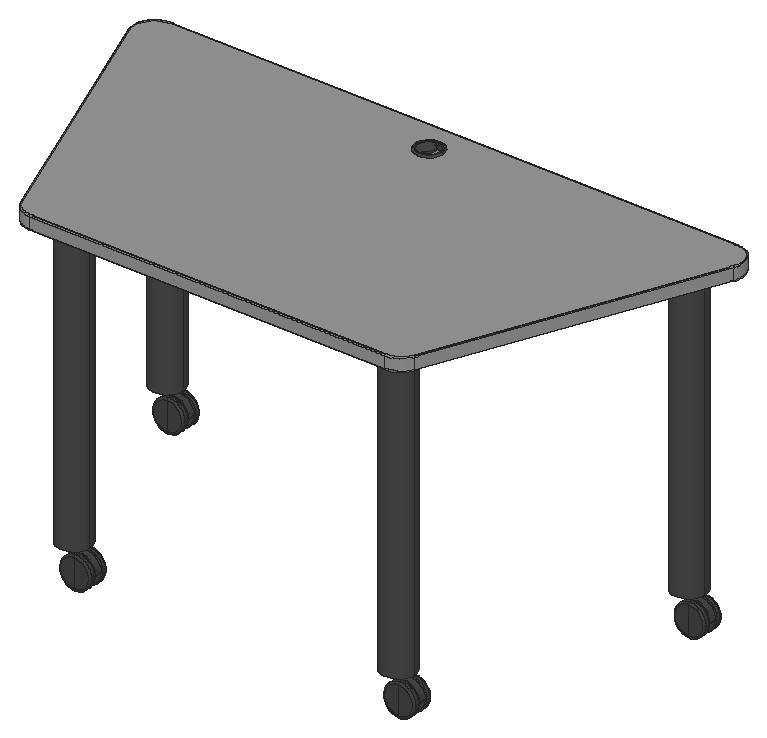
Revit family "Modular Conference Table Trapezoid", category Generic Models, Revit 2018
Family settings
  Can host rebar = No
  Round Connector Dimension = Use Diameter
  Part Type = Normal
  Work Plane-Based = No
  Always vertical = Yes
  Cut with Voids When Loaded = No
  Shared = No
  Room Calculation Point = No
Parameters
  Surface = Modular Trapezoid Surface
  Edgeband = Modular Trapezoid Edgeband
Reference planes (in)
  plane 1 "Center (Front/Back)": y = 0
  plane 2: z = 0
  plane 3 "Center (Left/Right)": x = 0
Forms (in)
  Extrusion 1, solid, material "Modular Trapezoid Surface" <- "Surface"
    sketch origin (0, 0, 0) x (1, 0, 0) y (0, 1, 0)
      loop
        circle (0, 11.5) r 1.21937
      loop
        line (26.55538, 14.42126) -> (-26.55538, 14.42126)
        arc (-26.55538, 14.42126) -> (-28.14471, 13.57948) -> (-28.34134, 11.79177) r 1.92126
        line (-28.34134, 11.79177) -> (-18.42755, -13.20822)
        arc (-18.42755, -13.20822) -> (-17.72107, -14.08933) -> (-16.64159, -14.42126) r 1.92126
        line (-16.64159, -14.42126) -> (16.64159, -14.42126)
        arc (16.64159, -14.42126) -> (17.72107, -14.08933) -> (18.42755, -13.20822) r 1.92126
        line (18.42755, -13.20822) -> (28.34134, 11.79177)
        arc (28.34134, 11.79177) -> (28.14471, 13.57948) -> (26.55538, 14.42126) r 1.92126
    from 30.55647 to 31.80647
  Sweep 2, solid, material "Modular Trapezoid Edgeband" <- "Edgeband"
    path origin (0, 0, 0) x (1, 0, 0) y (0, 1, 0)
      loop
        line (-28.34134, 11.79177) -> (-18.42755, -13.20822)
        arc (-18.42755, -13.20822) -> (-17.72107, -14.08933) -> (-16.64159, -14.42126) r 1.92126
        line (-16.64159, -14.42126) -> (16.64159, -14.42126)
        arc (16.64159, -14.42126) -> (17.72107, -14.08933) -> (18.42755, -13.20822) r 1.92126
        line (18.42755, -13.20822) -> (28.34134, 11.79177)
        arc (28.34134, 11.79177) -> (28.14471, 13.57948) -> (26.55538, 14.42126) r 1.92126
        line (26.55538, 14.42126) -> (-26.55538, 14.42126)
        arc (-26.55538, 14.42126) -> (-28.14471, 13.57948) -> (-28.34134, 11.79177) r 1.92126
    profile origin (-23.38444, -0.70822, 0) x (0.929578, 0.368626, 0) y (0, 0, 1)
      loop
        arc (0, 31.80647) -> (-0.05568, 31.78341) -> (-0.07874, 31.72773) r 0.07874
        line (-0.07874, 31.72773) -> (-0.07874, 30.63521)
        arc (-0.07874, 30.63521) -> (-0.05568, 30.57953) -> (0, 30.55647) r 0.07874
        line (0, 30.55647) -> (0, 31.80647)
  Sweep 3, solid, material "Modular Grommet"
    path origin (0, 0.50626, 0) x (1, 0, 0) y (0, 1, 0)
      loop
        circle (0, 11) r 1.21937
    profile origin (0, 12.72564, 0) x (0, 1, 0) y (0, 0, 1)
      loop
        line (-0.09608, 31.80647) -> (0.06005, 31.80647)
        arc (0.06005, 31.80647) -> (-0.00337, 31.87932) -> (-0.09608, 31.90647) r 0.17188
        line (-0.09608, 31.90647) -> (-0.1889, 31.90647) -> (-0.1889, 31.30647) -> (-0.09608, 31.30647) -> (-0.09608, 31.80647)
  Extrusion 4, solid, material "Modular Grommet"
    sketch origin (0, 22.50627, 0) x (-1, 0, 0) y (0, -1, 0)
      loop
        arc (-0.11798, 11.61999) -> (-0.53018, 10.99892) -> (-0.11599, 10.37918) r 0.67236
        arc (-0.11599, 10.37918) -> (-0.05885, 10.34094) -> (-0.01963, 10.28448) r 0.18494
        arc (-0.01963, 10.28448) -> (-0.04716, 10.07758) -> (-0.24007, 9.99789) r 0.20881
        arc (-0.24007, 9.99789) -> (0.63815, 10.19091) -> (1.03047, 11) r 1.03047
        arc (1.03047, 11) -> (0.63815, 11.80909) -> (-0.24007, 12.00211) r 1.03047
        arc (-0.24007, 12.00211) -> (-0.04716, 11.92242) -> (-0.01963, 11.71552) r 0.20881
        arc (-0.01963, 11.71552) -> (-0.05962, 11.6583) -> (-0.11798, 11.61999) r 0.18494
    from 31.80647 to 31.90647
  Extrusion 5, solid, material "Modular Frame"
    sketch origin (0, 0, 0) x (1, 0, 0) y (0, 1, 0)
      loop
        line (21.9288, 13.43806) -> (21.9288, 9.43806)
        arc (21.9288, 9.43806) -> (22.07525, 9.08451) -> (22.4288, 8.93806) r 0.5
        line (22.4288, 8.93806) -> (26.4288, 8.93806)
        arc (26.4288, 8.93806) -> (26.78235, 9.08451) -> (26.9288, 9.43806) r 0.5
        line (26.9288, 9.43806) -> (26.9288, 13.43807)
        arc (26.9288, 13.43807) -> (26.78235, 13.79162) -> (26.4288, 13.93806) r 0.5
        line (26.4288, 13.93806) -> (22.4288, 13.93806)
        arc (22.4288, 13.93806) -> (22.07525, 13.79162) -> (21.9288, 13.43806) r 0.5
      loop
        line (12.78562, -9.18363) -> (12.78562, -13.18363)
        arc (12.78562, -13.18363) -> (12.93207, -13.53718) -> (13.28562, -13.68363) r 0.5
        line (13.28562, -13.68363) -> (17.28562, -13.68363)
        arc (17.28562, -13.68363) -> (17.63917, -13.53718) -> (17.78562, -13.18363) r 0.5
        line (17.78562, -13.18363) -> (17.78562, -9.18362)
        arc (17.78562, -9.18362) -> (17.63917, -8.83007) -> (17.28562, -8.68363) r 0.5
        line (17.28562, -8.68363) -> (13.28562, -8.68363)
        arc (13.28562, -8.68363) -> (12.93207, -8.83007) -> (12.78562, -9.18363) r 0.5
      loop
        arc (-21.97998, 13.43806) -> (-22.12643, 13.79162) -> (-22.47998, 13.93806) r 0.5
        line (-22.47998, 13.93806) -> (-26.47998, 13.93806)
        arc (-26.47998, 13.93806) -> (-26.83353, 13.79162) -> (-26.97998, 13.43807) r 0.5
        line (-26.97998, 13.43807) -> (-26.97998, 9.43807)
        arc (-26.97998, 9.43807) -> (-26.83353, 9.08451) -> (-26.47998, 8.93806) r 0.5
        line (-26.47998, 8.93806) -> (-22.47998, 8.93806)
        arc (-22.47998, 8.93806) -> (-22.12643, 9.08451) -> (-21.97998, 9.43806) r 0.5
        line (-21.97998, 9.43806) -> (-21.97998, 13.43806)
      loop
        arc (-12.6336, -9.18363) -> (-12.78005, -8.83007) -> (-13.1336, -8.68363) r 0.5
        line (-13.1336, -8.68363) -> (-17.1336, -8.68363)
        arc (-17.1336, -8.68363) -> (-17.48716, -8.83007) -> (-17.6336, -9.18363) r 0.5
        line (-17.6336, -9.18363) -> (-17.6336, -13.18363)
        arc (-17.6336, -13.18363) -> (-17.48715, -13.53718) -> (-17.1336, -13.68363) r 0.5
        line (-17.1336, -13.68363) -> (-13.1336, -13.68363)
        arc (-13.1336, -13.68363) -> (-12.78005, -13.53718) -> (-12.6336, -13.18363) r 0.5
        line (-12.6336, -13.18363) -> (-12.6336, -9.18363)
    from 30.45647 to 30.55647
  Extrusion 6, solid, material "Modular Frame"
    sketch origin (0, 0, 0) x (1, 0, 0) y (0, 1, 0)
      loop
        circle (-24.48469, 11.42052) r 1.5
      loop
        circle (-15.13324, -11.18228) r 1.5
      loop
        circle (24.4288, 11.43807) r 1.5
      loop
        circle (15.28558, -11.18378) r 1.5
    from 3.45647 to 30.45647
  Revolve 7, solid, material "Modular Casters"
    sketch origin (-24.48469, 28.23154, 0) x (0, -1, 0) y (0, 0, 1)
      loop
        line (16.81102, 3.5211) -> (16.81102, 3.16677) -> (17.00648, 3.16677) -> (17.00648, 3.20614) -> (17.08661, 3.20614) -> (17.08661, 3.44236) -> (17.1339, 3.44236) -> (17.1339, 3.5211) -> (16.81102, 3.5211)
      axis (16.81102, 3.5211) -> (16.81102, 3.16677)
    angle from 0 to 360
  Revolve 8, solid, material "Modular Casters"
    sketch origin (-23.69085, 28.23154, 0) x (0, -1, 0) y (0, 0, 1)
      loop
        line (17.22441, 1.4778) -> (17.22441, 0.07982)
        arc (17.22441, 0.07982) -> (17.24779, 0.02338) -> (17.30423, 0) r 0.07982
        line (17.30423, 0) -> (17.61778, 0)
        arc (17.61778, 0) -> (17.7291, 0.04611) -> (17.7752, 0.15742) r 0.15742
        line (17.7752, 0.15742) -> (17.7752, 1.4778) -> (17.22441, 1.4778)
      axis (17.22441, 1.4778) -> (17.7752, 1.4778)
    angle from 0 to 360
  Extrusion 9, solid, material "Modular Casters"
    sketch origin (-14.05022, 28.23154, 0) x (1, 0, 0) y (0, 0, 1)
      loop
        arc (-8.77559, 1.08409) -> (-8.74775, 1.09563) -> (-8.73622, 1.12347) r 0.03937
        line (-8.73622, 1.12347) -> (-8.73622, 1.43843)
        arc (-8.73622, 1.43843) -> (-8.72469, 1.46626) -> (-8.69685, 1.4778) r 0.03937
        line (-8.69685, 1.4778) -> (-8.20422, 1.4778)
        arc (-8.20422, 1.4778) -> (-8.17682, 1.4885) -> (-8.16394, 1.51495) r 0.04041
        arc (-8.16394, 1.51495) -> (-9.83914, 2.94108) -> (-11.07437, 1.12056) r 1.4773
        arc (-11.07437, 1.12056) -> (-11.06369, 1.09477) -> (-11.03791, 1.08409) r 0.03646
        line (-11.03791, 1.08409) -> (-8.77559, 1.08409)
    from 16.51575 to 17.1063
  Revolve 10, solid, material "Modular Casters"
    sketch origin (-24.48246, 28.23154, 0) x (0, -1, 0) y (0, 0, 1)
      loop
        line (17.1063, 2.16677) -> (17.1063, 3.16677) -> (16.81102, 3.16677) -> (16.81102, 2.16677) -> (17.1063, 2.16677)
      axis (16.81102, 3.16677) -> (16.81102, 2.16677)
    angle from 0 to 360
  Extrusion 11, solid, material "Modular Casters"
    sketch origin (-14.05022, 28.23154, 0) x (1, 0, 0) y (0, 0, 1)
      loop
        circle (-9.64651, 1.48012) r 0.29382
    from 16.39764 to 17.22441
  Revolve 12, solid, material "Modular Casters"
    sketch origin (-23.69085, -5.39051, 0) x (0, 1, 0) y (0, 0, -1)
      loop
        line (17.22441, -1.4778) -> (17.7752, -1.4778) -> (17.7752, -0.15742)
        arc (17.7752, -0.15742) -> (17.7291, -0.04611) -> (17.61778, 0) r 0.15742
        line (17.61778, 0) -> (17.30423, 0)
        arc (17.30423, 0) -> (17.24779, -0.02338) -> (17.22441, -0.07982) r 0.07982
        line (17.22441, -0.07982) -> (17.22441, -1.4778)
      axis (17.22441, -1.4778) -> (17.7752, -1.4778)
    angle from 0 to 360
  Revolve 13, solid, material "Modular Casters"
    sketch origin (-15.13324, 5.62875, 0) x (0, -1, 0) y (0, 0, 1)
      loop
        line (16.81102, 3.5211) -> (16.81102, 3.16677) -> (17.00648, 3.16677) -> (17.00648, 3.20614) -> (17.08661, 3.20614) -> (17.08661, 3.44236) -> (17.1339, 3.44236) -> (17.1339, 3.5211) -> (16.81102, 3.5211)
      axis (16.81102, 3.5211) -> (16.81102, 3.16677)
    angle from 0 to 360
  Revolve 14, solid, material "Modular Casters"
    sketch origin (-14.33941, 5.62875, 0) x (0, -1, 0) y (0, 0, 1)
      loop
        line (17.22441, 1.4778) -> (17.22441, 0.07982)
        arc (17.22441, 0.07982) -> (17.24779, 0.02338) -> (17.30423, 0) r 0.07982
        line (17.30423, 0) -> (17.61778, 0)
        arc (17.61778, 0) -> (17.7291, 0.04611) -> (17.7752, 0.15742) r 0.15742
        line (17.7752, 0.15742) -> (17.7752, 1.4778) -> (17.22441, 1.4778)
      axis (17.22441, 1.4778) -> (17.7752, 1.4778)
    angle from 0 to 360
  Extrusion 15, solid, material "Modular Casters"
    sketch origin (-4.69878, 5.62875, 0) x (1, 0, 0) y (0, 0, 1)
      loop
        arc (-8.77559, 1.08409) -> (-8.74775, 1.09563) -> (-8.73622, 1.12347) r 0.03937
        line (-8.73622, 1.12347) -> (-8.73622, 1.43843)
        arc (-8.73622, 1.43843) -> (-8.72469, 1.46626) -> (-8.69685, 1.4778) r 0.03937
        line (-8.69685, 1.4778) -> (-8.20422, 1.4778)
        arc (-8.20422, 1.4778) -> (-8.17682, 1.4885) -> (-8.16394, 1.51495) r 0.04041
        arc (-8.16394, 1.51495) -> (-9.83914, 2.94108) -> (-11.07437, 1.12056) r 1.4773
        arc (-11.07437, 1.12056) -> (-11.06369, 1.09477) -> (-11.03791, 1.08409) r 0.03646
        line (-11.03791, 1.08409) -> (-8.77559, 1.08409)
    from 16.51575 to 17.1063
  Revolve 16, solid, material "Modular Casters"
    sketch origin (-15.13102, 5.62875, 0) x (0, -1, 0) y (0, 0, 1)
      loop
        line (17.1063, 2.16677) -> (17.1063, 3.16677) -> (16.81102, 3.16677) -> (16.81102, 2.16677) -> (17.1063, 2.16677)
      axis (16.81102, 3.16677) -> (16.81102, 2.16677)
    angle from 0 to 360
  Extrusion 17, solid, material "Modular Casters"
    sketch origin (-4.69878, 5.62875, 0) x (1, 0, 0) y (0, 0, 1)
      loop
        circle (-9.64651, 1.48012) r 0.29382
    from 16.39764 to 17.22441
  Revolve 18, solid, material "Modular Casters"
    sketch origin (-14.33941, -27.9933, 0) x (0, 1, 0) y (0, 0, -1)
      loop
        line (17.22441, -1.4778) -> (17.7752, -1.4778) -> (17.7752, -0.15742)
        arc (17.7752, -0.15742) -> (17.7291, -0.04611) -> (17.61778, 0) r 0.15742
        line (17.61778, 0) -> (17.30423, 0)
        arc (17.30423, 0) -> (17.24779, -0.02338) -> (17.22441, -0.07982) r 0.07982
        line (17.22441, -0.07982) -> (17.22441, -1.4778)
      axis (17.22441, -1.4778) -> (17.7752, -1.4778)
    angle from 0 to 360
  Revolve 19, solid, material "Modular Casters"
    sketch origin (15.28558, 5.62875, 0) x (0, -1, 0) y (0, 0, 1)
      loop
        line (16.81102, 3.5211) -> (16.81102, 3.16677) -> (17.00648, 3.16677) -> (17.00648, 3.20614) -> (17.08661, 3.20614) -> (17.08661, 3.44236) -> (17.1339, 3.44236) -> (17.1339, 3.5211) -> (16.81102, 3.5211)
      axis (16.81102, 3.5211) -> (16.81102, 3.16677)
    angle from 0 to 360
  Revolve 20, solid, material "Modular Casters"
    sketch origin (16.07942, 5.62875, 0) x (0, -1, 0) y (0, 0, 1)
      loop
        line (17.22441, 1.4778) -> (17.22441, 0.07982)
        arc (17.22441, 0.07982) -> (17.24779, 0.02338) -> (17.30423, 0) r 0.07982
        line (17.30423, 0) -> (17.61778, 0)
        arc (17.61778, 0) -> (17.7291, 0.04611) -> (17.7752, 0.15742) r 0.15742
        line (17.7752, 0.15742) -> (17.7752, 1.4778) -> (17.22441, 1.4778)
      axis (17.22441, 1.4778) -> (17.7752, 1.4778)
    angle from 0 to 360
  Extrusion 21, solid, material "Modular Casters"
    sketch origin (25.72005, 5.62875, 0) x (1, 0, 0) y (0, 0, 1)
      loop
        arc (-8.77559, 1.08409) -> (-8.74775, 1.09563) -> (-8.73622, 1.12347) r 0.03937
        line (-8.73622, 1.12347) -> (-8.73622, 1.43843)
        arc (-8.73622, 1.43843) -> (-8.72469, 1.46626) -> (-8.69685, 1.4778) r 0.03937
        line (-8.69685, 1.4778) -> (-8.20422, 1.4778)
        arc (-8.20422, 1.4778) -> (-8.17682, 1.4885) -> (-8.16394, 1.51495) r 0.04041
        arc (-8.16394, 1.51495) -> (-9.83914, 2.94108) -> (-11.07437, 1.12056) r 1.4773
        arc (-11.07437, 1.12056) -> (-11.06369, 1.09477) -> (-11.03791, 1.08409) r 0.03646
        line (-11.03791, 1.08409) -> (-8.77559, 1.08409)
    from 16.51575 to 17.1063
  Revolve 22, solid, material "Modular Casters"
    sketch origin (15.28781, 5.62875, 0) x (0, -1, 0) y (0, 0, 1)
      loop
        line (17.1063, 2.16677) -> (17.1063, 3.16677) -> (16.81102, 3.16677) -> (16.81102, 2.16677) -> (17.1063, 2.16677)
      axis (16.81102, 3.16677) -> (16.81102, 2.16677)
    angle from 0 to 360
  Extrusion 23, solid, material "Modular Casters"
    sketch origin (25.72005, 5.62875, 0) x (1, 0, 0) y (0, 0, 1)
      loop
        circle (-9.64651, 1.48012) r 0.29382
    from 16.39764 to 17.22441
  Revolve 24, solid, material "Modular Casters"
    sketch origin (16.07942, -27.9933, 0) x (0, 1, 0) y (0, 0, -1)
      loop
        line (17.22441, -1.4778) -> (17.7752, -1.4778) -> (17.7752, -0.15742)
        arc (17.7752, -0.15742) -> (17.7291, -0.04611) -> (17.61778, 0) r 0.15742
        line (17.61778, 0) -> (17.30423, 0)
        arc (17.30423, 0) -> (17.24779, -0.02338) -> (17.22441, -0.07982) r 0.07982
        line (17.22441, -0.07982) -> (17.22441, -1.4778)
      axis (17.22441, -1.4778) -> (17.7752, -1.4778)
    angle from 0 to 360
  Revolve 25, solid, material "Modular Casters"
    sketch origin (24.4288, 28.24909, 0) x (0, -1, 0) y (0, 0, 1)
      loop
        line (16.81102, 3.5211) -> (16.81102, 3.16677) -> (17.00648, 3.16677) -> (17.00648, 3.20614) -> (17.08661, 3.20614) -> (17.08661, 3.44236) -> (17.1339, 3.44236) -> (17.1339, 3.5211) -> (16.81102, 3.5211)
      axis (16.81102, 3.5211) -> (16.81102, 3.16677)
    angle from 0 to 360
  Revolve 26, solid, material "Modular Casters"
    sketch origin (25.22264, 28.24909, 0) x (0, -1, 0) y (0, 0, 1)
      loop
        line (17.22441, 1.4778) -> (17.22441, 0.07982)
        arc (17.22441, 0.07982) -> (17.24779, 0.02338) -> (17.30423, 0) r 0.07982
        line (17.30423, 0) -> (17.61778, 0)
        arc (17.61778, 0) -> (17.7291, 0.04611) -> (17.7752, 0.15742) r 0.15742
        line (17.7752, 0.15742) -> (17.7752, 1.4778) -> (17.22441, 1.4778)
      axis (17.22441, 1.4778) -> (17.7752, 1.4778)
    angle from 0 to 360
  Extrusion 27, solid, material "Modular Casters"
    sketch origin (34.86327, 28.24909, 0) x (1, 0, 0) y (0, 0, 1)
      loop
        arc (-8.77559, 1.08409) -> (-8.74775, 1.09563) -> (-8.73622, 1.12347) r 0.03937
        line (-8.73622, 1.12347) -> (-8.73622, 1.43843)
        arc (-8.73622, 1.43843) -> (-8.72469, 1.46626) -> (-8.69685, 1.4778) r 0.03937
        line (-8.69685, 1.4778) -> (-8.20422, 1.4778)
        arc (-8.20422, 1.4778) -> (-8.17682, 1.4885) -> (-8.16394, 1.51495) r 0.04041
        arc (-8.16394, 1.51495) -> (-9.83914, 2.94108) -> (-11.07437, 1.12056) r 1.4773
        arc (-11.07437, 1.12056) -> (-11.06369, 1.09477) -> (-11.03791, 1.08409) r 0.03646
        line (-11.03791, 1.08409) -> (-8.77559, 1.08409)
    from 16.51575 to 17.1063
  Revolve 28, solid, material "Modular Casters"
    sketch origin (24.43103, 28.24909, 0) x (0, -1, 0) y (0, 0, 1)
      loop
        line (17.1063, 2.16677) -> (17.1063, 3.16677) -> (16.81102, 3.16677) -> (16.81102, 2.16677) -> (17.1063, 2.16677)
      axis (16.81102, 3.16677) -> (16.81102, 2.16677)
    angle from 0 to 360
  Extrusion 29, solid, material "Modular Casters"
    sketch origin (34.86327, 28.24909, 0) x (1, 0, 0) y (0, 0, 1)
      loop
        circle (-9.64651, 1.48012) r 0.29382
    from 16.39764 to 17.22441
  Revolve 30, solid, material "Modular Casters"
    sketch origin (25.22264, -5.37296, 0) x (0, 1, 0) y (0, 0, -1)
      loop
        line (17.22441, -1.4778) -> (17.7752, -1.4778) -> (17.7752, -0.15742)
        arc (17.7752, -0.15742) -> (17.7291, -0.04611) -> (17.61778, 0) r 0.15742
        line (17.61778, 0) -> (17.30423, 0)
        arc (17.30423, 0) -> (17.24779, -0.02338) -> (17.22441, -0.07982) r 0.07982
        line (17.22441, -0.07982) -> (17.22441, -1.4778)
      axis (17.22441, -1.4778) -> (17.7752, -1.4778)
    angle from 0 to 360
Dimensions and locks (in)
  aligned and locked: plane 2 to level
